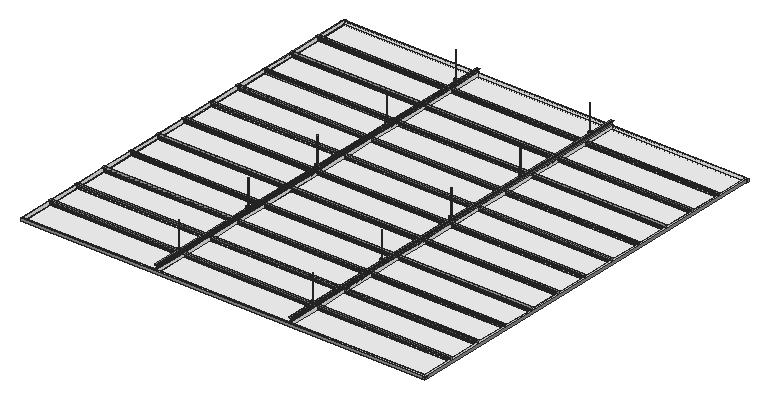
Revit family "FalsoTecho_THU_Bandeja-Sicilia_Doble estructura", category Modelos genéricos, Revit 2016
Family settings
  Tipo de pieza = Normal
  Puede alojar armadura = No
  Cota de conector redondo = Diámetro de uso
  Se basa en plano de trabajo = Sí
  Siempre vertical = No
  Corte con vacíos al cargar = Sí
  Compartido = Sí
  Punto de cálculo de habitación = No
Parameters (values of type "Acero_300x1200")
  Tirantes_Separación real [instance] = (Falso techo_Longitud real - (Tirante inicial_Distancia a extremo * 2)) / (Tirantes_Recuento - 1)  # 775 mm
  Tirantes_Recuento [instance] = (Falso techo_Longitud real - (Tirante inicial_Distancia a extremo * 2)) / Tirante_Separación aproximada + 2  # 5
  Tirante_Separación aproximada [instance] = 1000 mm  # constant formula
  Tirante_Longitud [instance] = THU_Falso techo_Plenum altura + Solape_Perfil y tirante  # 250 mm
  Tirante inicial_Distancia a extremo [instance] = if(Bandejas_Recuento longitudinal < 2, 25 mm, 250 mm)  # 250 mm
  THU_Velo [instance] = no
  THU_Subestructura_Material = "Acero galvanizado"
  THU_Subestructura_Color = THU_Acero galvanizado
  THU_Reacción al fuego = "A2, s1-d0"
  THU_Perfil primario = Perfil_THU_Triangulo : Perfil Triangulo Oculto-Primario
  THU_Falso techo_Área [instance] = Falso techo_Longitud real * Falso techo_Anchura real  # 12.96 m²
  THU_Falso techo_Plenum altura [instance] = 250 mm
  THU_Falso techo_Longitud [instance] = 3500 mm
  THU_Falso techo_Anchura [instance] = 3500 mm
  THU_Falso techo_Altura libre [instance] = 2500 mm
  THU_Bandeja_Material = "Acero"
  THU_Bandeja_Color [instance] = THU_Blanco-Mate
  THU_Bandeja = Bandeja_THU_Sicilia : Acero_300x1200
  THU_Acabado [instance] = Acabado_THU_Bandejas : Liso
  Solape_Perfil y tirante = 0 mm  # constant formula
  Página web del producto = "http://thu.es/producto/bandeja-sicilia-clip-in/"
  Página web del fabricante = "http://thu.es/"
  Perfiles secundarios_Recuento [instance] = Bandejas_Recuento longitudinal - 1  # 11
  Perfiles primarios_Recuento [instance] = Bandejas_Recuento transversal - 1  # 2
  Perfiles perimetrales_Desfase altura = 1 mm  # constant formula
  Perfil_Altura = 30 mm  # constant formula
  Perfil secundario_Longitud [instance] = Falso techo_Anchura real  # 3600 mm
  Perfil secundario_Intereje = 300 mm
  Perfil primario_Longitud [instance] = Falso techo_Longitud real  # 3600 mm
  Perfil primario_Intereje = 1200 mm
  Perfil perimetral_Perfil cornisa [instance] = Perfiles perimetrales_THU : (D)_Perfil cornisa
  Perfil perimetral_L24x24 [instance] = Perfiles perimetrales_THU : (A)_L24x24
  Perfil perimetral_Angular PVC [instance] = Perfiles perimetrales_THU : (F)_Angular PVC
  Perfil perimetral_Anchura [instance] = if(A_L24x24, 24 mm, if(D_Perfil cornisa, 18 mm, if(F_Angular PVC, 28 mm, 24 mm)))  # 24 mm
  Perfil perimetral trans_Longitud [instance] = Perfil secundario_Longitud + (Perfil perimetral_Distancia a bandeja * 2)  # 3624 mm
  Perfil perimetral long_Longitud [instance] = Falso techo_Longitud real - ((Perfil perimetral_Anchura - Perfil perimetral_Distancia a bandeja) * 2)  # 3576 mm
  Perfil perimetral 04 [instance] = yes
  Perfil perimetral 03 [instance] = yes
  Perfil perimetral 02 [instance] = yes
  Perfil perimetral_Distancia a bandeja [instance] = Perfil perimetral_Anchura / 2  # 12 mm
  Perfil perimetral 01 [instance] = yes
  Perfil perimetral [instance] = if(A_L24x24, Perfil perimetral_L24x24, if(D_Perfil cornisa, Perfil perimetral_Perfil cornisa, if(F_Angular PVC, Perfil perimetral_Angular PVC, Perfil perimetral_L24x24)))  # Perfiles perimetrales_THU : (A)_L24x24
  Omniclass = "23-15 19 23 11"
  Número de edición (versión) = 0
  Nombre del objeto = "Bandeja Sicilia"
  NBS Reference Description = "Board suspended ceiling system"
  NBS Reference = "20-10-10/110"
  Model = ""
  Marca = "THU"
  Manual de montaje = ""
  IFC Classification = "IfcCovering (CEILING)"
  Grupo del producto = "Bandejas"
  Ficha técnica = ""
  Ficha resumen = "http://thu.es/wp-content/uploads/datasheets/THU_Techos_metalicos_Bandeja_Sicilia_Clip-in.pdf"
  Fecha de publicación del objeto BIM = ""
  Famila del producto = "Techos metálicos"
  Falso techo_Longitud real [instance] = ((Perfil secundario_Intereje * Bandejas_Recuento longitudinal) - Bandejas_Separación)  # 3600 mm
  Falso techo_Grosor = Bandeja_Descuelgue + Perfil_Altura  # 39 mm
  Falso techo_Anchura real [instance] = ((Perfil primario_Intereje * Bandejas_Recuento transversal) - Bandejas_Separación)  # 3600 mm
  Fabricante = "THU Perfil S.L."
  F_Angular PVC [instance] = no
  Default Elevation = 0 mm
  Descripción = "Bandeja THU de ancho 300 mm y de longitud variable según necesidades (longitud máxima de 2,5 metros) y registrable en cualquier punto. El techo Murano se monta con perfileria oculta THU Murano y rematada perimetralmente sobre angulares de 24 mm. El perfil Murano de 28 mm de ancho y 3,70 m de longitud, fabricado con fleje de acero galvanizado, presenta unas pequeñas alas verticales especialmente diseñadas para el correcto alojamiento de las bandejas Murano."
  Declaración de prestaciones = ""
  D_Perfil cornisa [instance] = no
  Comentarios de tipo = "Bandejas Techo Murano, para ser montadas en interior de edificios con perfilería THU Murano."
  COBie Type Category = "L387 : Suspended ceilings"
  Bandejas_Recuento transversal [instance] = THU_Falso techo_Anchura / Perfil primario_Intereje  # 3
  Bandejas_Recuento longitudinal [instance] = THU_Falso techo_Longitud / Perfil secundario_Intereje  # 12
  Bandejas_Recuento [instance] = Bandejas_Recuento longitudinal * Bandejas_Recuento transversal  # 36
  Bandejas_Separación = 0 mm  # constant formula
  Bandeja_Longitud = Perfil secundario_Intereje - Bandejas_Separación  # 300 mm
  Bandeja_Grosor = 27.6 mm  # constant formula
  Bandeja_Espesor = 1 mm  # constant formula
  Bandeja_Descuelgue = 9 mm  # constant formula
  Bandeja_Anchura = Perfil primario_Intereje - Bandejas_Separación  # 1200 mm
  Bandeja_Desfase inicial = Bandejas_Separación / 2  # 0 mm
  A_L24x24 [instance] = yes
Types (7, lengths in mm): name | THU_Bandeja | Perfiles secundarios_Recuento | Perfiles primarios_Recuento | Perfil secundario_Intereje | Perfil primario_Intereje | Bandejas_Recuento transversal | Bandejas_Recuento longitudinal | Bandejas_Recuento | Bandeja_Longitud | Bandeja_Anchura
  (no name) | Bandeja_THU_Sicilia : Acero_300x1200 | 11 | 2 | 300 | 1200 | 3 | 12 | 36 | 300 | 1200
  Acero_600x600 | Bandeja_THU_Sicilia : Acero_600x600 | 5 | 5 | 600 | 600 | 6 | 6 | 36 | 600 | 600
  Acero_600x1200 | Bandeja_THU_Sicilia : Acero_600x1200 | 5 | 2 | 600 | 1200 | 3 | 6 | 18 | 600 | 1200
  Acero_300x1200 | Bandeja_THU_Sicilia : Acero_300x1200 | 11 | 2 | 300 | 1200 | 3 | 12 | 36 | 300 | 1200
  Aluminio_600x600 | Bandeja_THU_Sicilia : Aluminio_600x600 | 5 | 5 | 600 | 600 | 6 | 6 | 36 | 600 | 600
  Aluminio_300x1200 | Bandeja_THU_Sicilia : Aluminio_300x1200 | 11 | 2 | 300 | 1200 | 3 | 12 | 36 | 300 | 1200
  Aluminio_600x1200 | Bandeja_THU_Sicilia : Aluminio_600x1200 | 5 | 2 | 600 | 1200 | 3 | 6 | 18 | 600 | 1200
Reference planes
  plane 1 "Centro (Frontal/Posterior)": y = 0
  plane 2: z = 0
  plane 3 "Centro (Izquierda/Derecha)": x = 0
  plane 4 "Bandejas_Límite inferior": z = 2500
  plane 5 "Perfiles superiores_Límite inferior": z = 2539
  plane 6 "Perfiles superiores_Límite superior": z = 2569
  plane 7 "Plano de apoyo longitudinal_Separación rastreles": x = 0
  plane 8 "Plano de apoyo transversal_Separación rastreles": y = 0
  plane 9 "Tirantes_Parte superior": z = 2819
  plane 10 "Tirantes_Parte inferior": z = 2569
  plane 11 "Falso techo_Límite derecho": x = 3500
  plane 12 "Falso techo_Límite superior": y = 3500
  plane 13 "Perfiles inferiores_Límite inferior": z = 2509
  plane 14 "Falso techo_Longitud real": y = 3600
  plane 15 "Falso techo_Anchura real": x = 3600
  plane 16 "Perfiles perimetrales_Límite inferior": z = 2499
Text (mm)
  text "AVISO:  La longitud máxima de la Bandeja Murano no puede exceder de 2.5 m. " at (651.206, 393.559, 0), in view "Nivel de referencia", not visible
Dimensions and locks
  "THU_Falso techo_Altura libre": plane 4 "Bandejas_Límite inferior" to level
  "Perfil_Altura": plane 6 "Perfiles superiores_Límite superior" to plane 5 "Perfiles superiores_Límite inferior"
  "Bandeja_Desfase inicial": plane 7 "Plano de apoyo longitudinal_Separación rastreles" to plane 3 "Centro (Izquierda/Derecha)"
  "Bandeja_Desfase inicial": plane 1 "Centro (Frontal/Posterior)" to plane 8 "Plano de apoyo transversal_Separación rastreles"
  "THU_Falso techo_Plenum altura": plane 9 "Tirantes_Parte superior" to plane 6 "Perfiles superiores_Límite superior"
  "THU_Falso techo_Anchura": plane 7 "Plano de apoyo longitudinal_Separación rastreles" to plane 11 "Falso techo_Límite derecho"
  "THU_Falso techo_Longitud": plane 12 "Falso techo_Límite superior" to plane 8 "Plano de apoyo transversal_Separación rastreles"
  equal spacing: group 3, group 4, group 5, group 6, group 9, group 10, group 16, group 17, group 18, group 19, group 20, group 21  (x3)
  "Bandejas_Separación": nested 3 to nested 2
  group 7 to group 8 = 1200 mm
  group 7 to group 8 = 0 mm  (x2)
  "Perfil primario_Intereje": plane 7 "Plano de apoyo longitudinal_Separación rastreles" to nested 6
  "Perfil primario_Intereje": nested 6 to nested 7
  "Solape_Perfil y tirante": plane 6 "Perfiles superiores_Límite superior" to plane 10 "Tirantes_Parte inferior"
  "Bandeja_Descuelgue": plane 13 "Perfiles inferiores_Límite inferior" to plane 4 "Bandejas_Límite inferior"
  equal spacing: group 11, group 12, group 13, group 14, group 15, group 22, group 23, group 24, group 25, group 26, group 27  (x3)
  "Perfil secundario_Intereje": plane 1 "Centro (Frontal/Posterior)" to nested 10
  "Perfil secundario_Intereje": nested 10 to nested 11
  "Perfil_Altura": plane 5 "Perfiles superiores_Límite inferior" to plane 13 "Perfiles inferiores_Límite inferior"
  "Falso techo_Longitud real": plane 1 "Centro (Frontal/Posterior)" to plane 14 "Falso techo_Longitud real"
  "Falso techo_Anchura real": plane 3 "Centro (Izquierda/Derecha)" to plane 15 "Falso techo_Anchura real"
  "Perfiles perimetrales_Desfase altura": plane 4 "Bandejas_Límite inferior" to plane 16 "Perfiles perimetrales_Límite inferior"
  "Perfil perimetral_Distancia a bandeja": nested 15 to plane 3 "Centro (Izquierda/Derecha)"
  "Perfil perimetral_Distancia a bandeja": nested 15 to plane 1 "Centro (Frontal/Posterior)"
  "Perfil perimetral_Distancia a bandeja": nested 17 to plane 14 "Falso techo_Longitud real"
  "Perfil perimetral_Distancia a bandeja": nested 17 to plane 3 "Centro (Izquierda/Derecha)"
  "Perfil perimetral_Distancia a bandeja": plane 15 "Falso techo_Anchura real" to nested 16
  aligned and locked: level to plane 2
  aligned and locked: plane 3 "Centro (Izquierda/Derecha)" to nested 2
  aligned and locked: plane 1 "Centro (Frontal/Posterior)" to nested 2
  aligned and locked: plane 1 "Centro (Frontal/Posterior)" to nested 6
  aligned and locked: nested 6 to plane 5 "Perfiles superiores_Límite inferior"
  aligned and locked: nested 7 to plane 5 "Perfiles superiores_Límite inferior"
  aligned and locked: plane 4 "Bandejas_Límite inferior" to nested 2
  aligned and locked: plane 4 "Bandejas_Límite inferior" to nested 3
  aligned and locked: plane 13 "Perfiles inferiores_Límite inferior" to nested 10
  aligned and locked: plane 13 "Perfiles inferiores_Límite inferior" to nested 11
  aligned and locked: nested 15 to nested 18  (x2)
  aligned and locked: nested 16 to nested 15
Nested families
  nested 1: "Bandeja_THU_Sicilia" at (300, 300, 2500), type <- "THU_Bandeja", type "Acero_300x1200", not visible
    with Vacio_Desfase vertical 1 mm, Vacio_Desfase horizontal der 599 mm, THU_Recuento (ud) 2, THU_Material "Acero", THU_Color none, Bandejas_Separación 0 mm, Bandejas_Recuento transversal 2, Bandeja_Longitud 300 mm, Bandeja_Grosor 34.5 mm, Bandeja_Anchura 600 mm
  nested 2: "Bandeja_THU_Sicilia" at (0, 0, 2500), Bandeja_Anchura <- "Bandeja_Anchura", THU_Color <- "THU_Bandeja_Color", THU_Material <- "THU_Subestructura_Material", Bandeja_Grosor <- "Bandeja_Grosor", Bandeja_Longitud <- "Bandeja_Longitud", Bandejas_Separación <- "Bandejas_Separación", Vacio_Desfase vertical <- "Bandeja_Espesor", Bandejas_Recuento transversal <- "Bandejas_Recuento transversal", type <- "THU_Bandeja", type "Acero_300x1200"
    with Vacio_Desfase vertical 1 mm, Vacio_Desfase horizontal der 1199 mm, THU_Recuento (ud) 3, THU_Material "Acero galvanizado", THU_Color THU_Blanco-Mate, Bandejas_Separación 0 mm, Bandejas_Recuento transversal 3, Bandeja_Longitud 300 mm, Bandeja_Grosor 27.6 mm, Bandeja_Anchura 1200 mm
  nested 3: "Bandeja_THU_Sicilia" at (0, 300, 2500), Bandeja_Anchura <- "Bandeja_Anchura", THU_Color <- "THU_Bandeja_Color", THU_Material <- "THU_Subestructura_Material", Bandeja_Grosor <- "Bandeja_Grosor", Bandeja_Longitud <- "Bandeja_Longitud", Bandejas_Separación <- "Bandejas_Separación", Vacio_Desfase vertical <- "Bandeja_Espesor", Bandejas_Recuento transversal <- "Bandejas_Recuento transversal", type <- "THU_Bandeja", type "Acero_300x1200"
    with Vacio_Desfase vertical 1 mm, Vacio_Desfase horizontal der 1199 mm, THU_Recuento (ud) 3, THU_Material "Acero galvanizado", THU_Color THU_Blanco-Mate, Bandejas_Separación 0 mm, Bandejas_Recuento transversal 3, Bandeja_Longitud 300 mm, Bandeja_Grosor 27.6 mm, Bandeja_Anchura 1200 mm
  nested 4: "Bandeja_THU_Sicilia" at (0, 600, 2500), Bandeja_Anchura <- "Bandeja_Anchura", THU_Color <- "THU_Bandeja_Color", THU_Material <- "THU_Subestructura_Material", Bandeja_Grosor <- "Bandeja_Grosor", Bandeja_Longitud <- "Bandeja_Longitud", Bandejas_Separación <- "Bandejas_Separación", Vacio_Desfase vertical <- "Bandeja_Espesor", Bandejas_Recuento transversal <- "Bandejas_Recuento transversal", type <- "THU_Bandeja", type "Acero_300x1200"
    with Vacio_Desfase vertical 1 mm, Vacio_Desfase horizontal der 1199 mm, THU_Recuento (ud) 3, THU_Material "Acero galvanizado", THU_Color THU_Blanco-Mate, Bandejas_Separación 0 mm, Bandejas_Recuento transversal 3, Bandeja_Longitud 300 mm, Bandeja_Grosor 27.6 mm, Bandeja_Anchura 1200 mm
  nested 5: "Bandeja_THU_Sicilia" at (0, 900, 2500), Bandeja_Anchura <- "Bandeja_Anchura", THU_Color <- "THU_Bandeja_Color", THU_Material <- "THU_Subestructura_Material", Bandeja_Grosor <- "Bandeja_Grosor", Bandeja_Longitud <- "Bandeja_Longitud", Bandejas_Separación <- "Bandejas_Separación", Vacio_Desfase vertical <- "Bandeja_Espesor", Bandejas_Recuento transversal <- "Bandejas_Recuento transversal", type <- "THU_Bandeja", type "Acero_300x1200"
    with Vacio_Desfase vertical 1 mm, Vacio_Desfase horizontal der 1199 mm, THU_Recuento (ud) 3, THU_Material "Acero galvanizado", THU_Color THU_Blanco-Mate, Bandejas_Separación 0 mm, Bandejas_Recuento transversal 3, Bandeja_Longitud 300 mm, Bandeja_Grosor 27.6 mm, Bandeja_Anchura 1200 mm
  nested 6: "Perfil_THU_Triangulo" at (1200, 0, 2539), Tirante inicial_Distancia a extremo <- "Tirante inicial_Distancia a extremo", Tirante_Longitud <- "Tirante_Longitud", Tirantes_Recuento <- "Tirantes_Recuento", THU_Color <- "THU_Subestructura_Color", THU_Material <- "THU_Subestructura_Material", Perfil_Longitud <- "Perfil primario_Longitud", Perfil_Altura <- "Perfil_Altura", type <- "THU_Perfil primario", type "Perfil Triangulo Oculto-Primario"
    with Tirantes_Recuento 5, Tirante_Longitud 250 mm, Tirante inicial_Distancia a extremo 250 mm, THU_Recuento (ml) 3600 mm, THU_Material "Acero galvanizado", THU_Color THU_Acero galvanizado, Perfil_Longitud 3600 mm, Perfil_Grosor superior 10.3 mm, Perfil_Grosor base 1 mm, Perfil_Altura alma 18.7 mm, Perfil_Altura 30 mm
  nested 7: "Perfil_THU_Triangulo" at (2400, 0, 2539), Tirante inicial_Distancia a extremo <- "Tirante inicial_Distancia a extremo", Tirante_Longitud <- "Tirante_Longitud", Tirantes_Recuento <- "Tirantes_Recuento", THU_Color <- "THU_Subestructura_Color", THU_Material <- "THU_Subestructura_Material", Perfil_Longitud <- "Perfil primario_Longitud", Perfil_Altura <- "Perfil_Altura", type <- "THU_Perfil primario", type "Perfil Triangulo Oculto-Primario"
    with Tirantes_Recuento 5, Tirante_Longitud 250 mm, Tirante inicial_Distancia a extremo 250 mm, THU_Recuento (ml) 3600 mm, THU_Material "Acero galvanizado", THU_Color THU_Acero galvanizado, Perfil_Longitud 3600 mm, Perfil_Grosor superior 10.3 mm, Perfil_Grosor base 1 mm, Perfil_Altura alma 18.7 mm, Perfil_Altura 30 mm
  nested 8: "Bandeja_THU_Sicilia" at (0, 1200, 2500), Bandeja_Anchura <- "Bandeja_Anchura", THU_Color <- "THU_Bandeja_Color", THU_Material <- "THU_Subestructura_Material", Bandeja_Grosor <- "Bandeja_Grosor", Bandeja_Longitud <- "Bandeja_Longitud", Bandejas_Separación <- "Bandejas_Separación", Vacio_Desfase vertical <- "Bandeja_Espesor", Bandejas_Recuento transversal <- "Bandejas_Recuento transversal", type <- "THU_Bandeja", type "Acero_300x1200"
    with Vacio_Desfase vertical 1 mm, Vacio_Desfase horizontal der 1199 mm, THU_Recuento (ud) 3, THU_Material "Acero galvanizado", THU_Color THU_Blanco-Mate, Bandejas_Separación 0 mm, Bandejas_Recuento transversal 3, Bandeja_Longitud 300 mm, Bandeja_Grosor 27.6 mm, Bandeja_Anchura 1200 mm
  nested 9: "Bandeja_THU_Sicilia" at (0, 1500, 2500), Bandeja_Anchura <- "Bandeja_Anchura", THU_Color <- "THU_Bandeja_Color", THU_Material <- "THU_Subestructura_Material", Bandeja_Grosor <- "Bandeja_Grosor", Bandeja_Longitud <- "Bandeja_Longitud", Bandejas_Separación <- "Bandejas_Separación", Vacio_Desfase vertical <- "Bandeja_Espesor", Bandejas_Recuento transversal <- "Bandejas_Recuento transversal", type <- "THU_Bandeja", type "Acero_300x1200"
    with Vacio_Desfase vertical 1 mm, Vacio_Desfase horizontal der 1199 mm, THU_Recuento (ud) 3, THU_Material "Acero galvanizado", THU_Color THU_Blanco-Mate, Bandejas_Separación 0 mm, Bandejas_Recuento transversal 3, Bandeja_Longitud 300 mm, Bandeja_Grosor 27.6 mm, Bandeja_Anchura 1200 mm
  nested 10: "Perfil_THU_Triangulo" at (0, 300, 2509) x (0, -1, 0) z (0, 0, 1), Perfil_Altura <- "Perfil_Altura", Perfil_Longitud <- "Perfil secundario_Longitud", THU_Material <- "THU_Subestructura_Material", THU_Color <- "THU_Subestructura_Color", Tirantes_Recuento <- "Tirantes_Recuento", Tirante_Longitud <- "Tirante_Longitud", Tirante inicial_Distancia a extremo <- "Tirante inicial_Distancia a extremo", type "Perfil Triangulo Oculto-Secundario"
    with Tirantes_Recuento 5, Tirante_Longitud 250 mm, Tirante inicial_Distancia a extremo 250 mm, THU_Recuento (ml) 3600 mm, THU_Material "Acero galvanizado", THU_Color THU_Acero galvanizado, Perfil_Longitud 3600 mm, Perfil_Grosor superior 10.3 mm, Perfil_Grosor base 1 mm, Perfil_Altura alma 18.7 mm, Perfil_Altura 30 mm
  nested 11: "Perfil_THU_Triangulo" at (0, 600, 2509) x (0, -1, 0) z (0, 0, 1), Perfil_Altura <- "Perfil_Altura", Perfil_Longitud <- "Perfil secundario_Longitud", THU_Material <- "THU_Subestructura_Material", THU_Color <- "THU_Subestructura_Color", Tirantes_Recuento <- "Tirantes_Recuento", Tirante_Longitud <- "Tirante_Longitud", Tirante inicial_Distancia a extremo <- "Tirante inicial_Distancia a extremo", type "Perfil Triangulo Oculto-Secundario"
    with Tirantes_Recuento 5, Tirante_Longitud 250 mm, Tirante inicial_Distancia a extremo 250 mm, THU_Recuento (ml) 3600 mm, THU_Material "Acero galvanizado", THU_Color THU_Acero galvanizado, Perfil_Longitud 3600 mm, Perfil_Grosor superior 10.3 mm, Perfil_Grosor base 1 mm, Perfil_Altura alma 18.7 mm, Perfil_Altura 30 mm
  nested 12: "Perfil_THU_Triangulo" at (0, 900, 2509) x (0, -1, 0) z (0, 0, 1), Perfil_Altura <- "Perfil_Altura", Perfil_Longitud <- "Perfil secundario_Longitud", THU_Material <- "THU_Subestructura_Material", THU_Color <- "THU_Subestructura_Color", Tirantes_Recuento <- "Tirantes_Recuento", Tirante_Longitud <- "Tirante_Longitud", Tirante inicial_Distancia a extremo <- "Tirante inicial_Distancia a extremo", type "Perfil Triangulo Oculto-Secundario"
    with Tirantes_Recuento 5, Tirante_Longitud 250 mm, Tirante inicial_Distancia a extremo 250 mm, THU_Recuento (ml) 3600 mm, THU_Material "Acero galvanizado", THU_Color THU_Acero galvanizado, Perfil_Longitud 3600 mm, Perfil_Grosor superior 10.3 mm, Perfil_Grosor base 1 mm, Perfil_Altura alma 18.7 mm, Perfil_Altura 30 mm
  nested 13: "Perfil_THU_Triangulo" at (0, 1200, 2509) x (0, -1, 0) z (0, 0, 1), Perfil_Altura <- "Perfil_Altura", Perfil_Longitud <- "Perfil secundario_Longitud", THU_Material <- "THU_Subestructura_Material", THU_Color <- "THU_Subestructura_Color", Tirantes_Recuento <- "Tirantes_Recuento", Tirante_Longitud <- "Tirante_Longitud", Tirante inicial_Distancia a extremo <- "Tirante inicial_Distancia a extremo", type "Perfil Triangulo Oculto-Secundario"
    with Tirantes_Recuento 5, Tirante_Longitud 250 mm, Tirante inicial_Distancia a extremo 250 mm, THU_Recuento (ml) 3600 mm, THU_Material "Acero galvanizado", THU_Color THU_Acero galvanizado, Perfil_Longitud 3600 mm, Perfil_Grosor superior 10.3 mm, Perfil_Grosor base 1 mm, Perfil_Altura alma 18.7 mm, Perfil_Altura 30 mm
  nested 14: "Perfil_THU_Triangulo" at (0, 1500, 2509) x (0, -1, 0) z (0, 0, 1), Perfil_Altura <- "Perfil_Altura", Perfil_Longitud <- "Perfil secundario_Longitud", THU_Material <- "THU_Subestructura_Material", THU_Color <- "THU_Subestructura_Color", Tirantes_Recuento <- "Tirantes_Recuento", Tirante_Longitud <- "Tirante_Longitud", Tirante inicial_Distancia a extremo <- "Tirante inicial_Distancia a extremo", type "Perfil Triangulo Oculto-Secundario"
    with Tirantes_Recuento 5, Tirante_Longitud 250 mm, Tirante inicial_Distancia a extremo 250 mm, THU_Recuento (ml) 3600 mm, THU_Material "Acero galvanizado", THU_Color THU_Acero galvanizado, Perfil_Longitud 3600 mm, Perfil_Grosor superior 10.3 mm, Perfil_Grosor base 1 mm, Perfil_Altura alma 18.7 mm, Perfil_Altura 30 mm
  nested 15: "Perfiles perimetrales_THU" at (-12, -12, 2499) x (0, 1, 0) z (0, 0, 1), THU_Color <- "THU_Subestructura_Color", THU_Material <- "THU_Subestructura_Material", type <- "Perfil perimetral", Perfil_Anchura <- "Perfil perimetral_Anchura", Perfil_Longitud <- "Perfil perimetral trans_Longitud", visible <- "Perfil perimetral 01", type "(A)_L24x24"
    with THU_Recuento (ml) 3624 mm, THU_Material "Acero galvanizado", THU_Color THU_Acero galvanizado, Perfil_Longitud 3624 mm, Perfil_Anchura 24 mm
  nested 16: "Perfiles perimetrales_THU" at (3612, 12, 2499) x (-1, 0, 0) z (0, 0, 1), THU_Color <- "THU_Subestructura_Color", THU_Material <- "THU_Subestructura_Material", type <- "Perfil perimetral", Perfil_Anchura <- "Perfil perimetral_Anchura", Perfil_Longitud <- "Perfil perimetral long_Longitud", visible <- "Perfil perimetral 02", type "(A)_L24x24"
    with THU_Recuento (ml) 3576 mm, THU_Material "Acero galvanizado", THU_Color THU_Acero galvanizado, Perfil_Longitud 3576 mm, Perfil_Anchura 24 mm
  nested 17: "Perfiles perimetrales_THU" at (-12, 3612, 2499) x (0, -1, 0) z (0, 0, 1), THU_Color <- "THU_Subestructura_Color", THU_Material <- "THU_Subestructura_Material", type <- "Perfil perimetral", Perfil_Anchura <- "Perfil perimetral_Anchura", Perfil_Longitud <- "Perfil perimetral trans_Longitud", visible <- "Perfil perimetral 03", type "(A)_L24x24"
    with THU_Recuento (ml) 3624 mm, THU_Material "Acero galvanizado", THU_Color THU_Acero galvanizado, Perfil_Longitud 3624 mm, Perfil_Anchura 24 mm
  nested 18: "Perfiles perimetrales_THU" at (-12, 12, 2499), THU_Color <- "THU_Subestructura_Color", THU_Material <- "THU_Subestructura_Material", type <- "Perfil perimetral", Perfil_Anchura <- "Perfil perimetral_Anchura", Perfil_Longitud <- "Perfil perimetral long_Longitud", visible <- "Perfil perimetral 04", type "(A)_L24x24"
    with THU_Recuento (ml) 3576 mm, THU_Material "Acero galvanizado", THU_Color THU_Acero galvanizado, Perfil_Longitud 3576 mm, Perfil_Anchura 24 mm
  nested 19: "Bandeja_THU_Sicilia" at (0, 1800, 2500), Bandeja_Anchura <- "Bandeja_Anchura", THU_Color <- "THU_Bandeja_Color", THU_Material <- "THU_Subestructura_Material", Bandeja_Grosor <- "Bandeja_Grosor", Bandeja_Longitud <- "Bandeja_Longitud", Bandejas_Separación <- "Bandejas_Separación", Vacio_Desfase vertical <- "Bandeja_Espesor", Bandejas_Recuento transversal <- "Bandejas_Recuento transversal", type <- "THU_Bandeja", type "Acero_300x1200"
    with Vacio_Desfase vertical 1 mm, Vacio_Desfase horizontal der 1199 mm, THU_Recuento (ud) 3, THU_Material "Acero galvanizado", THU_Color THU_Blanco-Mate, Bandejas_Separación 0 mm, Bandejas_Recuento transversal 3, Bandeja_Longitud 300 mm, Bandeja_Grosor 27.6 mm, Bandeja_Anchura 1200 mm
  nested 20: "Bandeja_THU_Sicilia" at (0, 2100, 2500), Bandeja_Anchura <- "Bandeja_Anchura", THU_Color <- "THU_Bandeja_Color", THU_Material <- "THU_Subestructura_Material", Bandeja_Grosor <- "Bandeja_Grosor", Bandeja_Longitud <- "Bandeja_Longitud", Bandejas_Separación <- "Bandejas_Separación", Vacio_Desfase vertical <- "Bandeja_Espesor", Bandejas_Recuento transversal <- "Bandejas_Recuento transversal", type <- "THU_Bandeja", type "Acero_300x1200"
    with Vacio_Desfase vertical 1 mm, Vacio_Desfase horizontal der 1199 mm, THU_Recuento (ud) 3, THU_Material "Acero galvanizado", THU_Color THU_Blanco-Mate, Bandejas_Separación 0 mm, Bandejas_Recuento transversal 3, Bandeja_Longitud 300 mm, Bandeja_Grosor 27.6 mm, Bandeja_Anchura 1200 mm
  nested 21: "Bandeja_THU_Sicilia" at (0, 2400, 2500), Bandeja_Anchura <- "Bandeja_Anchura", THU_Color <- "THU_Bandeja_Color", THU_Material <- "THU_Subestructura_Material", Bandeja_Grosor <- "Bandeja_Grosor", Bandeja_Longitud <- "Bandeja_Longitud", Bandejas_Separación <- "Bandejas_Separación", Vacio_Desfase vertical <- "Bandeja_Espesor", Bandejas_Recuento transversal <- "Bandejas_Recuento transversal", type <- "THU_Bandeja", type "Acero_300x1200"
    with Vacio_Desfase vertical 1 mm, Vacio_Desfase horizontal der 1199 mm, THU_Recuento (ud) 3, THU_Material "Acero galvanizado", THU_Color THU_Blanco-Mate, Bandejas_Separación 0 mm, Bandejas_Recuento transversal 3, Bandeja_Longitud 300 mm, Bandeja_Grosor 27.6 mm, Bandeja_Anchura 1200 mm
  nested 22: "Bandeja_THU_Sicilia" at (0, 2700, 2500), Bandeja_Anchura <- "Bandeja_Anchura", THU_Color <- "THU_Bandeja_Color", THU_Material <- "THU_Subestructura_Material", Bandeja_Grosor <- "Bandeja_Grosor", Bandeja_Longitud <- "Bandeja_Longitud", Bandejas_Separación <- "Bandejas_Separación", Vacio_Desfase vertical <- "Bandeja_Espesor", Bandejas_Recuento transversal <- "Bandejas_Recuento transversal", type <- "THU_Bandeja", type "Acero_300x1200"
    with Vacio_Desfase vertical 1 mm, Vacio_Desfase horizontal der 1199 mm, THU_Recuento (ud) 3, THU_Material "Acero galvanizado", THU_Color THU_Blanco-Mate, Bandejas_Separación 0 mm, Bandejas_Recuento transversal 3, Bandeja_Longitud 300 mm, Bandeja_Grosor 27.6 mm, Bandeja_Anchura 1200 mm
  nested 23: "Bandeja_THU_Sicilia" at (0, 3000, 2500), Bandeja_Anchura <- "Bandeja_Anchura", THU_Color <- "THU_Bandeja_Color", THU_Material <- "THU_Subestructura_Material", Bandeja_Grosor <- "Bandeja_Grosor", Bandeja_Longitud <- "Bandeja_Longitud", Bandejas_Separación <- "Bandejas_Separación", Vacio_Desfase vertical <- "Bandeja_Espesor", Bandejas_Recuento transversal <- "Bandejas_Recuento transversal", type <- "THU_Bandeja", type "Acero_300x1200"
    with Vacio_Desfase vertical 1 mm, Vacio_Desfase horizontal der 1199 mm, THU_Recuento (ud) 3, THU_Material "Acero galvanizado", THU_Color THU_Blanco-Mate, Bandejas_Separación 0 mm, Bandejas_Recuento transversal 3, Bandeja_Longitud 300 mm, Bandeja_Grosor 27.6 mm, Bandeja_Anchura 1200 mm
  nested 24: "Bandeja_THU_Sicilia" at (0, 3300, 2500), Bandeja_Anchura <- "Bandeja_Anchura", THU_Color <- "THU_Bandeja_Color", THU_Material <- "THU_Subestructura_Material", Bandeja_Grosor <- "Bandeja_Grosor", Bandeja_Longitud <- "Bandeja_Longitud", Bandejas_Separación <- "Bandejas_Separación", Vacio_Desfase vertical <- "Bandeja_Espesor", Bandejas_Recuento transversal <- "Bandejas_Recuento transversal", type <- "THU_Bandeja", type "Acero_300x1200"
    with Vacio_Desfase vertical 1 mm, Vacio_Desfase horizontal der 1199 mm, THU_Recuento (ud) 3, THU_Material "Acero galvanizado", THU_Color THU_Blanco-Mate, Bandejas_Separación 0 mm, Bandejas_Recuento transversal 3, Bandeja_Longitud 300 mm, Bandeja_Grosor 27.6 mm, Bandeja_Anchura 1200 mm
  nested 25: "Perfil_THU_Triangulo" at (0, 1800, 2509) x (0, -1, 0) z (0, 0, 1), Perfil_Altura <- "Perfil_Altura", Perfil_Longitud <- "Perfil secundario_Longitud", THU_Material <- "THU_Subestructura_Material", THU_Color <- "THU_Subestructura_Color", Tirantes_Recuento <- "Tirantes_Recuento", Tirante_Longitud <- "Tirante_Longitud", Tirante inicial_Distancia a extremo <- "Tirante inicial_Distancia a extremo", type "Perfil Triangulo Oculto-Secundario"
    with Tirantes_Recuento 5, Tirante_Longitud 250 mm, Tirante inicial_Distancia a extremo 250 mm, THU_Recuento (ml) 3600 mm, THU_Material "Acero galvanizado", THU_Color THU_Acero galvanizado, Perfil_Longitud 3600 mm, Perfil_Grosor superior 10.3 mm, Perfil_Grosor base 1 mm, Perfil_Altura alma 18.7 mm, Perfil_Altura 30 mm
  nested 26: "Perfil_THU_Triangulo" at (0, 2100, 2509) x (0, -1, 0) z (0, 0, 1), Perfil_Altura <- "Perfil_Altura", Perfil_Longitud <- "Perfil secundario_Longitud", THU_Material <- "THU_Subestructura_Material", THU_Color <- "THU_Subestructura_Color", Tirantes_Recuento <- "Tirantes_Recuento", Tirante_Longitud <- "Tirante_Longitud", Tirante inicial_Distancia a extremo <- "Tirante inicial_Distancia a extremo", type "Perfil Triangulo Oculto-Secundario"
    with Tirantes_Recuento 5, Tirante_Longitud 250 mm, Tirante inicial_Distancia a extremo 250 mm, THU_Recuento (ml) 3600 mm, THU_Material "Acero galvanizado", THU_Color THU_Acero galvanizado, Perfil_Longitud 3600 mm, Perfil_Grosor superior 10.3 mm, Perfil_Grosor base 1 mm, Perfil_Altura alma 18.7 mm, Perfil_Altura 30 mm
  nested 27: "Perfil_THU_Triangulo" at (0, 2400, 2509) x (0, -1, 0) z (0, 0, 1), Perfil_Altura <- "Perfil_Altura", Perfil_Longitud <- "Perfil secundario_Longitud", THU_Material <- "THU_Subestructura_Material", THU_Color <- "THU_Subestructura_Color", Tirantes_Recuento <- "Tirantes_Recuento", Tirante_Longitud <- "Tirante_Longitud", Tirante inicial_Distancia a extremo <- "Tirante inicial_Distancia a extremo", type "Perfil Triangulo Oculto-Secundario"
    with Tirantes_Recuento 5, Tirante_Longitud 250 mm, Tirante inicial_Distancia a extremo 250 mm, THU_Recuento (ml) 3600 mm, THU_Material "Acero galvanizado", THU_Color THU_Acero galvanizado, Perfil_Longitud 3600 mm, Perfil_Grosor superior 10.3 mm, Perfil_Grosor base 1 mm, Perfil_Altura alma 18.7 mm, Perfil_Altura 30 mm
  nested 28: "Perfil_THU_Triangulo" at (0, 2700, 2509) x (0, -1, 0) z (0, 0, 1), Perfil_Altura <- "Perfil_Altura", Perfil_Longitud <- "Perfil secundario_Longitud", THU_Material <- "THU_Subestructura_Material", THU_Color <- "THU_Subestructura_Color", Tirantes_Recuento <- "Tirantes_Recuento", Tirante_Longitud <- "Tirante_Longitud", Tirante inicial_Distancia a extremo <- "Tirante inicial_Distancia a extremo", type "Perfil Triangulo Oculto-Secundario"
    with Tirantes_Recuento 5, Tirante_Longitud 250 mm, Tirante inicial_Distancia a extremo 250 mm, THU_Recuento (ml) 3600 mm, THU_Material "Acero galvanizado", THU_Color THU_Acero galvanizado, Perfil_Longitud 3600 mm, Perfil_Grosor superior 10.3 mm, Perfil_Grosor base 1 mm, Perfil_Altura alma 18.7 mm, Perfil_Altura 30 mm
  nested 29: "Perfil_THU_Triangulo" at (0, 3000, 2509) x (0, -1, 0) z (0, 0, 1), Perfil_Altura <- "Perfil_Altura", Perfil_Longitud <- "Perfil secundario_Longitud", THU_Material <- "THU_Subestructura_Material", THU_Color <- "THU_Subestructura_Color", Tirantes_Recuento <- "Tirantes_Recuento", Tirante_Longitud <- "Tirante_Longitud", Tirante inicial_Distancia a extremo <- "Tirante inicial_Distancia a extremo", type "Perfil Triangulo Oculto-Secundario"
    with Tirantes_Recuento 5, Tirante_Longitud 250 mm, Tirante inicial_Distancia a extremo 250 mm, THU_Recuento (ml) 3600 mm, THU_Material "Acero galvanizado", THU_Color THU_Acero galvanizado, Perfil_Longitud 3600 mm, Perfil_Grosor superior 10.3 mm, Perfil_Grosor base 1 mm, Perfil_Altura alma 18.7 mm, Perfil_Altura 30 mm
  nested 30: "Perfil_THU_Triangulo" at (0, 3300, 2509) x (0, -1, 0) z (0, 0, 1), Perfil_Altura <- "Perfil_Altura", Perfil_Longitud <- "Perfil secundario_Longitud", THU_Material <- "THU_Subestructura_Material", THU_Color <- "THU_Subestructura_Color", Tirantes_Recuento <- "Tirantes_Recuento", Tirante_Longitud <- "Tirante_Longitud", Tirante inicial_Distancia a extremo <- "Tirante inicial_Distancia a extremo", type "Perfil Triangulo Oculto-Secundario"
    with Tirantes_Recuento 5, Tirante_Longitud 250 mm, Tirante inicial_Distancia a extremo 250 mm, THU_Recuento (ml) 3600 mm, THU_Material "Acero galvanizado", THU_Color THU_Acero galvanizado, Perfil_Longitud 3600 mm, Perfil_Grosor superior 10.3 mm, Perfil_Grosor base 1 mm, Perfil_Altura alma 18.7 mm, Perfil_Altura 30 mm
Definition of nested family "Bandeja_THU_Sicilia"
  Parameters (values of type "Acero_300x1200")
    THU_Recuento (ud) [instance] = Bandejas_Recuento transversal  # 2
    THU_Mediciones = 1 < 2  # yes
    THU_Material [instance] = "Acero"
    THU_Color [instance] = none
    Vacio_Desfase horizontal der [instance] = Bandeja_Anchura - (Vacio_Desfase horizontal)  # 1199 mm
    Nombre del objeto = "Sicilia 300x1200"
    Default Elevation = 0 mm
    Vacio_Desfase vertical [instance] = 1 mm
    Bandeja_Inicio extrusión = 0 mm  # constant formula
    Vacio_Desfase horizontal = 1 mm
    Bandejas_Recuento transversal [instance] = 2
    Bandejas_Separación [instance] = 0 mm
    Bandeja_Longitud [instance] = 300 mm
    Bandeja_Grosor [instance] = 27.6 mm
    Bandeja_Anchura [instance] = 1200 mm
  Types (6, lengths in mm): name | THU_Material | Vacio_Desfase horizontal der | Nombre del objeto | Bandeja_Longitud | Bandeja_Anchura
    Acero_600x600 | "Acero" | 599 | "Sicilia 600x600" | 600 | 600
    Acero_300x1200 | "Acero" | 1199 | "Sicilia 300x1200" | 300 | 1200
    Acero_600x1200 | "Acero" | 1199 | "Sicilia 600x1200" | 600 | 1200
    Aluminio_600x1200 | "Aluminio" | 1199 | "Sicilia 600x1200" | 600 | 1200
    Aluminio_600x600 | "Aluminio" | 599 | "Sicilia 600x600" | 600 | 600
    Aluminio_300x1200 | "Aluminio" | 1199 | "Sicilia 300x1200" | 300 | 1200
  Reference planes
    plane 1 "Centro (Frontal/Posterior)": y = 0
    plane 2: z = 0
    plane 3 "Centro (Izquierda/Derecha)": x = 0
  Forms (mm)
    Extrusion 1, solid, material <- "THU_Color"
      sketch origin (0, 0, 0) x (1, 0, 0) y (0, 1, 0)
        loop
          line (0, 0) -> (1200, 0) -> (1200, 300) -> (0, 300) -> (0, 0)
      from 0 <- "Bandeja_Inicio extrusión" to 27.6 <- "Bandeja_Grosor"
    Extrusion 2, void
      sketch origin (0, 0, 0) x (1, 0, 0) y (0, 1, 0)
        loop
          line (1, 299) -> (1, 1) -> (1199, 1) -> (1199, 299) -> (1, 299)
      from 1 <- "Vacio_Desfase vertical" to 27.6 <- "Bandeja_Grosor"
    Extrusion 3, solid, material <- "THU_Color"
      sketch origin (1200, 0, 0) x (1, 0, 0) y (0, 1, 0)
        loop
          line (0, 0) -> (1200, 0) -> (1200, 300) -> (0, 300) -> (0, 0)
      from 0 <- "Bandeja_Inicio extrusión" to 27.6 <- "Bandeja_Grosor"
    Extrusion 4, void
      sketch origin (1200, 0, 0) x (1, 0, 0) y (0, 1, 0)
        loop
          line (1, 299) -> (1, 1) -> (1199, 1) -> (1199, 299) -> (1, 299)
      from 1 <- "Vacio_Desfase vertical" to 27.6 <- "Bandeja_Grosor"
  Cuts and joins
    Extrusion 2, Extrusion 4 cuts Extrusion 1
    Extrusion 4 cuts Extrusion 3
  Lines and regions (mm)
    reference lines
      curve 1: line (0, 0, 0) -> (0, 600, 0)
      curve 2: line (0, 0, 0) -> (600, 0, 0)
      curve 3: line (600, 0, 0) -> (1200, 0, 0)
      curve 4: line (1200, 0, 0) -> (1200, 600, 0)
      curve 5: line (1200, 0, 0) -> (1800, 0, 0)
  Dimensions and locks
    "Bandeja_Anchura": curve 1 to Extrusion 1 sketch curve
    "Bandeja_Longitud": Extrusion 1 sketch curve to curve 2
    "Vacio_Desfase horizontal": curve 1 to Extrusion 2 sketch curve
    "Vacio_Desfase horizontal": Extrusion 2 sketch curve to curve 2
    "Vacio_Desfase horizontal der": curve 1 to Extrusion 2 sketch curve
    "Vacio_Desfase horizontal": Extrusion 2 sketch curve to Extrusion 1
    "Bandeja_Anchura": curve 4 to Extrusion 3 sketch curve
    "Bandeja_Longitud": Extrusion 3 sketch curve to curve 5
    "Vacio_Desfase horizontal": curve 4 to Extrusion 4 sketch curve
    "Vacio_Desfase horizontal": Extrusion 4 sketch curve to curve 5
    "Vacio_Desfase horizontal der": curve 4 to Extrusion 4 sketch curve
    "Vacio_Desfase horizontal": Extrusion 4 sketch curve to Extrusion 3
    group 1 to group 2 = 1200 mm
    group 1 to group 2 = 0 mm  (x2)
    "Bandejas_Separación": cut or joined group of Extrusion 1, Extrusion 2, Extrusion 4 to curve 4
    aligned and locked: level to plane 2
    aligned and locked: Extrusion 1 sketch curve to curve 1
    aligned and locked: Extrusion 1 sketch curve to curve 2
    aligned and locked: Extrusion 3 sketch curve to curve 4
    aligned and locked: Extrusion 3 sketch curve to curve 5
  Automatic sketch dimensions
    curve 3 to curve 3 = 600 mm
    plane 3 "Centro (Izquierda/Derecha)" to curve 3 = 600 mm
    plane 1 "Centro (Frontal/Posterior)" to curve 3 = 0 mm
Definition of nested family "Perfil_THU_Triangulo"
  Parameters (values of type "Perfil Triangulo Oculto-Secundario")
    Tirantes_Recuento [instance] = 2
    Tirantes = no
    Tirante_Longitud [instance] = 250 mm
    Tirante inicial_Distancia a extremo [instance] = 250 mm
    THU_Recuento (ml) [instance] = Perfil_Longitud  # 1000 mm
    THU_Mediciones = 1 < 2  # yes
    THU_Material [instance] = "Acero galvanizado"
    THU_Color [instance] = none
    Perfil_Longitud [instance] = 1000 mm
    Perfil_Anchura base = 28 mm  # constant formula
    Perfil_Grosor base [instance] = 1 mm  # constant formula
    Perfil_Anchura superior = 6.8 mm  # constant formula
    Perfil_Altura [instance] = 30 mm
    Nombre del objeto = "Perfil Triangulo Oculto"
    Default Elevation = 0 mm
    Perfil_Grosor alma = 1 mm  # constant formula
    Perfil_Grosor superior [instance] = 10.3 mm  # constant formula
    Perfil_Altura alma [instance] = Perfil_Altura - (Perfil_Grosor base + Perfil_Grosor superior)  # 18.7 mm
  Types (2, lengths in mm): name | Tirantes
    Perfil Triangulo Oculto-Primario | yes
    Perfil Triangulo Oculto-Secundario | no
  Reference planes
    plane 1 "Centro (Frontal/Posterior)": y = 0
    plane 2: z = 0
    plane 3 "Centro (Izquierda/Derecha)": x = 0
    plane 4 "Perfil_Cara superior": z = 30
  Forms (mm)
    Extrusion 1, solid, material <- "THU_Color", detail levels medium+fine
      sketch origin (0, 0, 47.063) x (1, 0, 0) y (0, 0, -1)
        loop
          line (-13, 17.063) -> (13, 17.063) -> (13, 18.063) -> (7.921, 18.063) -> (1.23, 34.382) -> (1.23, 40.083) -> (5.567, 47.063) -> (4.413, 47.063) -> (0.23, 40.369) -> (0.23, 34.185) -> (6.84, 18.063) -> (-6.84, 18.063) -> (-0.23, 34.185) -> (-0.23, 40.369) -> (-4.413, 47.063) -> (-5.567, 47.063) -> (-1.23, 40.083) -> (-1.23, 34.382) -> (-7.921, 18.063) -> (-13, 18.063) -> (-13, 17.063)
      from 0 to 1000
  Lines and regions (mm)
    reference lines
      curve 1: line (-15, 0, 0) -> (15, 0, 0)
  Dimensions and locks
    "Perfil_Longitud": Extrusion 1 to Extrusion 1
    "Tirante inicial_Distancia a extremo": plane 1 "Centro (Frontal/Posterior)" to nested 1
    group 1 to group 2 = 0 mm
    group 1 to group 2 = 500 mm
    group 2 to group 1 = 0 mm
    "Tirante inicial_Distancia a extremo": Extrusion 1 to nested 2
    locked: Extrusion 1 sketch curve to Extrusion 1 sketch curve at 1
    "Perfil_Altura": Extrusion 1 sketch curve to Extrusion 1 sketch curve
    "Perfil_Altura": plane 4 "Perfil_Cara superior" to level
    aligned and locked: level to plane 2
    aligned and locked: plane 3 "Centro (Izquierda/Derecha)" to nested 1
    aligned and locked: nested 1 to plane 4 "Perfil_Cara superior"
    aligned and locked: nested 2 to plane 4 "Perfil_Cara superior"
    aligned and locked: curve 1 to Extrusion 1 sketch curve
    aligned and locked: Extrusion 1 sketch curve to curve 1
    aligned and locked: Extrusion 1 sketch curve to Extrusion 1 sketch curve  (x2)
    aligned and locked: curve 1 to level
  Automatic sketch dimensions
    curve 1 to plane 3 "Centro (Izquierda/Derecha)" = 15 mm
    plane 3 "Centro (Izquierda/Derecha)" to curve 1 = 15 mm
    Extrusion 1 sketch curve to plane 3 "Centro (Izquierda/Derecha)" = 13 mm
    Extrusion 1 sketch curve to Extrusion 1 sketch curve = 5.079 mm  (x2)
    Extrusion 1 sketch curve to Extrusion 1 sketch curve = 1.081 mm  (x2)
    Extrusion 1 sketch curve to plane 3 "Centro (Izquierda/Derecha)" = 5.567 mm
    Extrusion 1 sketch curve to Extrusion 1 sketch curve = 1.154 mm  (x2)
    Extrusion 1 sketch curve to plane 3 "Centro (Izquierda/Derecha)" = 1.23 mm
    Extrusion 1 sketch curve to plane 3 "Centro (Izquierda/Derecha)" = 0.23 mm
    plane 3 "Centro (Izquierda/Derecha)" to Extrusion 1 sketch curve = 0.23 mm
    Extrusion 1 sketch curve to Extrusion 1 sketch curve = 1 mm
    plane 3 "Centro (Izquierda/Derecha)" to Extrusion 1 sketch curve = 4.413 mm
    plane 3 "Centro (Izquierda/Derecha)" to Extrusion 1 sketch curve = 6.84 mm
    level to Extrusion 1 sketch curve = 12.878 mm
    Extrusion 1 sketch curve to Extrusion 1 sketch curve = 0 mm  (x3)
    Extrusion 1 sketch curve to Extrusion 1 sketch curve = 0.197 mm  (x2)
    Extrusion 1 sketch curve to Extrusion 1 sketch curve = 5.701 mm
    Extrusion 1 sketch curve to Extrusion 1 sketch curve = 0.287 mm
  Nested families
    nested 1: "Tirantes_THU" at (0, 250, 30), Tirante_Longitud <- "Tirante_Longitud", visible <- "Tirantes", Tirante_Material <- "THU_Color", type "Tirante - Perfil triangular", detail levels fine
      with Tirante_Material none, Tirante_Longitud 250 mm
    nested 2: "Tirantes_THU" at (0, 750, 30), Tirante_Longitud <- "Tirante_Longitud", visible <- "Tirantes", Tirante_Material <- "THU_Color", type "Tirante - Perfil triangular", detail levels fine
      with Tirante_Material none, Tirante_Longitud 250 mm
  Definition of nested family "Tirantes_THU"
    Parameters (values of type "Tirante - Perfil triangular")
      Tirante_Material [instance] = none
      Tirante_Longitud [instance] = 250 mm
      Pieza de cuelgue_Altura = 20 mm
      Pieza de cualgue_Anchura = 26 mm
      Perfiles = no
      Perfil triangular = yes
      Rastreles = no
      Default Elevation = 0 mm
    Types (3, lengths in mm): name | Pieza de cuelgue_Altura | Pieza de cualgue_Anchura | Perfiles | Perfil triangular | Rastreles
      Tirante - Rastreles | 40 | 10 | no | no | yes
      Tirante - Perfil triangular | 20 | 26 | no | yes | no
      Tirante - Perfiles | 20 | 10.5 | yes | no | no
    Reference planes
      plane 1 "Centro (Frontal/Posterior)": y = 0
      plane 2: z = 0
      plane 3 "Centro (Izquierda/Derecha)": x = 0
      plane 4 "Perfil_Cara superior": z = 20
      plane 5 "Tirantes_Límite superior": z = 250
      plane 6 "Pieza de cuelgue_Lateral izquierdo": x = -13
      plane 7 "Pieza de cuelgue_Lateral derecho": x = 13
    Forms (mm)
      Extrusion 1, solid, material <- "Tirante_Material"
        sketch origin (0, 0, 0) x (1, 0, 0) y (0, 1, 0)
          loop
            circle (0, 0) r 1.5
        from 20 to 250
      Extrusion 2, solid, material <- "Tirante_Material", visible <- "Perfiles"
        sketch origin (0, 0, 0) x (1, 0, 0) y (0, 0, 1)
          loop
            line (-13, 20) -> (-13, 0) -> (-8.759, 0) -> (-8.759, 2) -> (-10.518, 2) -> (-10.518, 11) -> (10.518, 11) -> (10.518, 2) -> (8.759, 2) -> (8.759, 0) -> (13, 0) -> (13, 20) -> (-13, 20)
        from -1 to 1
      Extrusion 3, solid, material <- "Tirante_Material", visible <- "Perfil triangular"
        sketch origin (0, 0, 0) x (1, 0, 0) y (0, 0, 1)
          loop
            line (0, 20) -> (-13, 20) -> (-13, 18) -> (-1, 18) -> (-1, 2.022) -> (-13, 2.022) -> (-13, 0) -> (0, 0) -> (13, 0) -> (13, 2.022) -> (1, 2.022) -> (1, 18) -> (13, 18) -> (13, 20) -> (0, 20)
        from -7.5 to 7.5
      Extrusion 4, solid, material <- "Tirante_Material", visible <- "Rastreles"
        sketch origin (0, 0, 0) x (1, 0, 0) y (0, 0, 1)
          loop
            line (-13, 0) -> (13, 0) -> (13, 20) -> (-13, 20) -> (-13, 0)
        from -1 to 1
    Dimensions and locks
      equal spacing: Extrusion 2, plane 1 "Centro (Frontal/Posterior)", Extrusion 2
      "Tirante_Longitud": plane 5 "Tirantes_Límite superior" to level
      "Pieza de cuelgue_Altura": plane 4 "Perfil_Cara superior" to level
      "Pieza de cualgue_Anchura": plane 7 "Pieza de cuelgue_Lateral derecho" to plane 6 "Pieza de cuelgue_Lateral izquierdo"
      equal spacing: plane 7 "Pieza de cuelgue_Lateral derecho", plane 3 "Centro (Izquierda/Derecha)", plane 6 "Pieza de cuelgue_Lateral izquierdo"
      locked: Extrusion 2 sketch curve to Extrusion 2 sketch curve at 2.482  (x2)
      locked: Extrusion 2 sketch curve to Extrusion 2 sketch curve at 9
      locked: Extrusion 2 sketch curve to Extrusion 2 sketch curve at 4.241  (x2)
      locked: Extrusion 3 sketch curve to Extrusion 3 sketch curve at 2  (x2)
      locked: Extrusion 3 sketch curve to Extrusion 3 sketch curve at 2.022
      aligned and locked: level to plane 2
      aligned and locked: plane 5 "Tirantes_Límite superior" to Extrusion 1
      aligned and locked: Extrusion 1 to plane 4 "Perfil_Cara superior"
      aligned and locked: Extrusion 1 to Extrusion 2
      aligned and locked: Extrusion 2 to level
      aligned and locked: Extrusion 3 sketch curve to Extrusion 3 sketch curve  (x4)
      aligned and locked: plane 4 "Perfil_Cara superior" to Extrusion 4 sketch curve
      aligned and locked: plane 7 "Pieza de cuelgue_Lateral derecho" to Extrusion 4 sketch curve
      aligned and locked: Extrusion 4 sketch curve to plane 6 "Pieza de cuelgue_Lateral izquierdo"
      aligned and locked: plane 6 "Pieza de cuelgue_Lateral izquierdo" to Extrusion 2 sketch curve
      aligned and locked: Extrusion 3 sketch curve to plane 7 "Pieza de cuelgue_Lateral derecho"
      aligned and locked: Extrusion 3 sketch curve to plane 6 "Pieza de cuelgue_Lateral izquierdo"
      aligned and locked: Extrusion 2 sketch curve to Extrusion 2 sketch curve
    Automatic sketch dimensions
      plane 1 "Centro (Frontal/Posterior)" to Extrusion 1 sketch curve = 0 mm
      Extrusion 1 sketch curve to plane 3 "Centro (Izquierda/Derecha)" = 0 mm
      Extrusion 2 sketch curve to level = 0 mm  (x2)
      Extrusion 2 sketch curve to plane 4 "Perfil_Cara superior" = 0 mm
      level to Extrusion 2 sketch curve = 2 mm
      Extrusion 3 sketch curve to plane 4 "Perfil_Cara superior" = 0 mm
      Extrusion 3 sketch curve to level = 0 mm
      Extrusion 3 sketch curve to plane 3 "Centro (Izquierda/Derecha)" = 0 mm  (x2)
      plane 3 "Centro (Izquierda/Derecha)" to Extrusion 3 sketch curve = 1 mm
      Extrusion 2 sketch curve to plane 7 "Pieza de cuelgue_Lateral derecho" = 0 mm
      Extrusion 4 sketch curve to level = 0 mm
      radius of Extrusion 1 sketch curve = 1.5 mm
Definition of nested family "Perfiles perimetrales_THU"
  Parameters (values of type "U20")
    U = yes
    THU_Recuento (ml) [instance] = Perfil_Longitud  # 1000 mm
    THU_Mediciones = 1 < 2  # yes
    THU_Material [instance] = "Acero galvanizado"
    THU_Color [instance] = none
    RC = no
    Perfil_Longitud [instance] = 1000 mm
    Perfil_Grosor = 1 mm
    Perfil_Anchura [instance] = 15 mm
    Perfil_Altura = 20 mm
    Nombre del objeto = "Perfil U20"
    (A)_(F) = no
    Default Elevation = 0 mm
    (D)_Perfil cornisa = no
  Types (7, lengths in mm): name | U | THU_Material | RC | Perfil_Anchura | Perfil_Altura | Nombre del objeto | (A)_(F) | (D)_Perfil cornisa
    (A)_L24x24 | no | "Acero galvanizado" | no | 24 | 24 | "(A)_L24x24" | yes | no
    (D)_Perfil cornisa | no | "Acero galvanizado" | no | 18 | 37 | "(D)_Perfil cornisa" | no | yes
    (F)_Angular PVC | no | "PVC" | no | 28 | 22 | "(F)_Angular PVC" | yes | no
    (A)_L15x33 | no | "Acero galvanizado" | no | 15 | 33 | "(A)_L24x24" | yes | no
    U40 | yes | "Acero galvanizado" | no | 15 | 42 | "Perfil U40" | no | no
    RC | no | "Acero galvanizado" | yes | 28 | 20 | "Perfil RC" | no | no
    U20 | yes | "Acero galvanizado" | no | 15 | 20 | "Perfil U20" | no | no
  Reference planes
    plane 1 "Centro (Frontal/Posterior)": y = 0
    plane 2: z = 0
    plane 3 "Centro (Izquierda/Derecha)": x = 0
    plane 4 "Perfil_Cara superior": z = 20
    plane 5: x = 15
    plane 6: y = -1000
  Forms (mm)
    Extrusion 1, solid, material <- "THU_Color", visible <- "(A)_(F)", detail levels medium+fine
      sketch origin (0, 0, 0) x (1, 0, 0) y (0, 0, 1)
        loop
          line (0, 20) -> (0, 0) -> (15, 0) -> (15, 1) -> (1, 1) -> (1, 20) -> (0, 20)
      from 0 to 1000
    Extrusion 2, solid, material <- "THU_Color", visible <- "(D)_Perfil cornisa", detail levels medium+fine
      sketch origin (0, 0, 0) x (1, 0, 0) y (0, 0, 1)
        loop
          line (1, 20) -> (0, 20) -> (0, 1) -> (-13, 1) -> (-13, 22) -> (-14, 22) -> (-14, 0) -> (15, 0) -> (15, 1) -> (1, 1) -> (1, 20)
      from 0 to 1000
    Extrusion 3, solid, material <- "THU_Color", visible <- "U", detail levels medium+fine
      sketch origin (0, 0, 0) x (1, 0, 0) y (0, 0, 1)
        loop
          line (0, 0) -> (15, 0) -> (15, 1) -> (1, 1) -> (1, 19) -> (15, 19) -> (15, 20) -> (0, 20) -> (0, 0)
      from 0 to 1000
    Extrusion 4, solid, material <- "THU_Color", visible <- "RC"
      sketch origin (0, 0, 0) x (1, 0, 0) y (0, 0, 1)
        loop
          line (15, 0) -> (15, 1) -> (1.398, 1) -> (1.398, 1.948) -> (7.436, 4.764)
          arc (7.436, 4.764) -> (8.592, 7.941) -> (5.415, 9.097) r 2.391
          line (5.415, 9.097) -> (1, 7.038) -> (1, 19) -> (6.5, 19) -> (6.5, 17.2) -> (7.5, 17.2) -> (7.5, 20) -> (0, 20) -> (0, 5.469) -> (5.838, 8.191)
          arc (5.838, 8.191) -> (7.686, 7.518) -> (7.013, 5.67) r 1.391
          line (7.013, 5.67) -> (0, 2.4) -> (0, 0) -> (15, 0)
      from 0 to 1000
  Dimensions and locks
    "Perfil_Altura": plane 4 "Perfil_Cara superior" to level
    "Perfil_Anchura": plane 5 to plane 3 "Centro (Izquierda/Derecha)"
    locked: Extrusion 2 sketch curve to Extrusion 2 sketch curve at 1  (x3)
    locked: Extrusion 2 sketch curve to Extrusion 1 at 13
    locked: Extrusion 2 sketch curve to level at 22
    "Perfil_Longitud": plane 6 to plane 1 "Centro (Frontal/Posterior)"
    locked: Extrusion 3 sketch curve to Extrusion 3 sketch curve at 1  (x3)
    locked: Extrusion 4 sketch curve to Extrusion 4 sketch curve at 1  (x6)
    locked: Extrusion 4 sketch curve to Extrusion 4 sketch curve at 1.398
    aligned and locked: level to plane 2
    aligned and locked: plane 5 to Extrusion 1 sketch curve
    aligned and locked: Extrusion 1 sketch curve to plane 4 "Perfil_Cara superior"
    aligned and locked: plane 4 "Perfil_Cara superior" to Extrusion 2 sketch curve
    aligned and locked: plane 5 to Extrusion 2 sketch curve
    aligned and locked: plane 3 "Centro (Izquierda/Derecha)" to Extrusion 2 sketch curve
    aligned and locked: Extrusion 1 sketch curve to plane 3 "Centro (Izquierda/Derecha)"
    aligned and locked: plane 6 to Extrusion 2
    aligned and locked: plane 6 to Extrusion 1
    aligned and locked: Extrusion 3 sketch curve to plane 5
    aligned and locked: plane 5 to Extrusion 3 sketch curve
    aligned and locked: Extrusion 3 sketch curve to plane 4 "Perfil_Cara superior"
    aligned and locked: Extrusion 3 sketch curve to plane 2
    aligned and locked: plane 3 "Centro (Izquierda/Derecha)" to Extrusion 3 sketch curve
    aligned and locked: Extrusion 3 to plane 1 "Centro (Frontal/Posterior)"
    aligned and locked: Extrusion 3 to plane 6
    aligned and locked: Extrusion 4 sketch curve to plane 4 "Perfil_Cara superior"
    aligned and locked: plane 3 "Centro (Izquierda/Derecha)" to Extrusion 4 sketch curve  (x2)
    aligned and locked: level to Extrusion 4 sketch curve
    aligned and locked: plane 5 to Extrusion 4 sketch curve
    aligned and locked: Extrusion 4 to plane 6
  Automatic sketch dimensions
    Extrusion 1 sketch curve to level = 0 mm
    plane 3 "Centro (Izquierda/Derecha)" to Extrusion 1 sketch curve = 1 mm
    level to Extrusion 1 sketch curve = 1 mm
    Extrusion 2 sketch curve to level = 0 mm
    Extrusion 2 sketch curve to Extrusion 2 sketch curve = 0 mm
    Extrusion 4 sketch curve to Extrusion 4 sketch curve = 0 mm
    Extrusion 4 sketch curve to Extrusion 4 sketch curve = 4.415 mm
    Extrusion 4 sketch curve to Extrusion 4 sketch curve = 0.423 mm  (x2)
    Extrusion 4 sketch curve to Extrusion 4 sketch curve = 0.588 mm  (x2)
    Extrusion 4 sketch curve to Extrusion 4 sketch curve = 5.5 mm
    Extrusion 4 sketch curve to Extrusion 4 sketch curve = 0.948 mm
    Extrusion 4 sketch curve to Extrusion 4 sketch curve = 0.452 mm
    Extrusion 4 sketch curve to Extrusion 4 sketch curve = 3.069 mm
    Extrusion 4 sketch curve to Extrusion 4 sketch curve = 1.26 mm
    Extrusion 4 sketch curve to Extrusion 4 sketch curve = 1.8 mm
